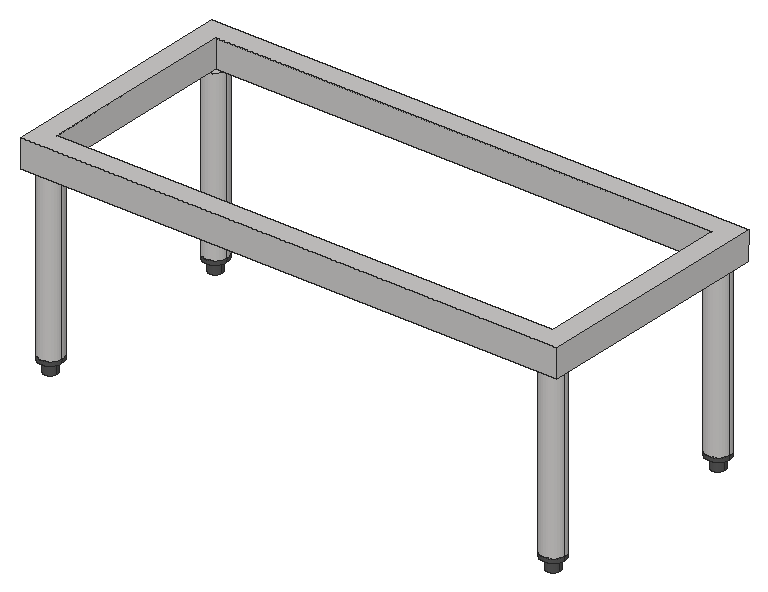
Revit family "QF_CAPIC_CELTIC_W383015", category Equipement spécialisé, Revit 2018
Family settings
  Cote de connecteur circulaire = Utiliser le diamètre
  Type d'élément = Normal
  Numéro OmniClass = 23.40.40.14
  Titre OmniClass = Food Service Equipment
  Basée sur le plan de construction = Non
  Toujours verticalement = Oui
  Couper avec des vides une fois chargée = Non
  Partagée = Non
  Point de calcul de pièce = Non
Parameters (values of type "L=1600mm")
  URL catalogue = "http://www.capic-fr.com/fr/"
  Type de Raccord Plomberie [instance] = ""
  Type de Raccord Electrique [instance] = ""
  Type de Gaz = ""
  Type article [instance] = ""
  Tension = 0 V
  Spécification du Fabricant = ""
  Show Logo = yes
  Remarques evacuation [instance] = ""
  Remarques Plomberie [instance] = ""
  Remarques Electricité [instance] = ""
  Puissance électrique  = 0 W
  Puissance Gaz kW = 0
  Profondeur hors tout = 715 mm
  Pression Maximum Eau Adoucie = 0.0 Pa
  Poids net à vide = 90.00 kg
  Phase = 0
  Modèle = "W383015"
  Longueur hors tout = 1600 mm
  Intensité nominale = 0 A
  Hauteur hors tout = 630 mm
  Hauteur de Raccordement du Sol Finis = 0 mm
  Hauteur de Raccordement Gaz du Sol Finis = 0 mm
  Hauteur de Raccordement Evacuation Directe du Sol Finis = 0 mm
  Hauteur de Raccordement Eau Froide du Sol Finis = 0 mm
  Hauteur de Raccordement Eau Chaude du Sol Finis = 0 mm
  Hauteur de Raccordement Eau Adoucie du Sol Finis = 0 mm
  Fréquence = 0 Hz
  Fabricant = "CAPIC"
  Débit d'air d'extraction = 0.0 m³/h
  Débit Gaz = 0.0 L/s
  Débit Eau Froide = 0.0 L/s
  Débit Eau Chaude = 0.0 L/s
  Débit Eau Adoucie = 0.0 L/s
  Diamètre de Raccordement Gaz = 0 mm
  Diamètre de Raccordement Evacuation = 0 mm
  Diamètre de Raccordement Eau Froide = 0 mm
  Diamètre de Raccordement Eau Chaude = 0 mm
  Diamètre de Raccordement Eau Adoucie = 0 mm
  Description = "Pietement tubes ronds"
  Assembly Code = ""
  Classification  Omniclass nombre et titre = "23.40.40.14"
Reference planes
  plane 1 "Centre (avant/arrière)": y = 0
  plane 2: z = 0
  plane 3 "Centre (gauche/droite)": x = 0
  plane 4 "Centre G/E": y = 0
  plane 5: y = -838
  plane 6: z = 630
  plane 7: y = -123
  plane 8: x = 1600
  plane 9: z = 546
  plane 10: y = -173
  plane 11: y = -788
  plane 12: x = 50
  plane 13: x = 1550
  plane 14: z = 46
Forms (mm)
  Extrusion 1, solid, material "QF_Stainless Steel-Brushed"
    sketch origin (4267.2, -1071.386, 630) x (0, -1, 0) y (1, 0, 0)
      loop
        line (-948.386, -4267.2) -> (-233.386, -4267.2) -> (-233.386, -2667.2) -> (-948.386, -2667.2) -> (-948.386, -4267.2)
      loop
        line (-888.386, -2727.2) -> (-888.386, -4207.2) -> (-293.386, -4207.2) -> (-293.386, -2727.2) -> (-888.386, -2727.2)
    from 0 to -84
  Extrusion 2, solid, material "QF_Stainless Steel-Brushed"
    sketch origin (0, 0, 0) x (1, 0, 0) y (0, 1, 0)
      loop
        circle (50, -173) r 35
    from 46 to 546
  Revolve 3, solid, material "QF_Plastic-Black"
    sketch origin (-199.347, -173, 4000) x (-1, 0, 0) y (0, 0, 1)
      loop
        line (-284.347, -3954) -> (-284.347, -3966) -> (-269.347, -3966) -> (-269.347, -4000) -> (-249.347, -4000) -> (-249.347, -3954) -> (-284.347, -3954)
      axis (-249.347, -4000) -> (-249.347, -3954)
    angle from 0 to 360
  Extrusion 4, solid, material "QF_Stainless Steel-Brushed"
    sketch origin (220, 0, 0) x (1, 0, 0) y (0, 1, 0)
      loop
        circle (1330, -173) r 35
    from 46 to 546
  Revolve 5, solid, material "QF_Plastic-Black"
    sketch origin (160.653, -173, 4000) x (-1, 0, 0) y (0, 0, 1)
      loop
        line (-1424.347, -3954) -> (-1424.347, -3966) -> (-1409.347, -3966) -> (-1409.347, -4000) -> (-1389.347, -4000) -> (-1389.347, -3954) -> (-1424.347, -3954)
      axis (-1389.347, -4000) -> (-1389.347, -3954)
    angle from 0 to 360
  Extrusion 6, solid, material "QF_Stainless Steel-Brushed"
    sketch origin (0, -615, 0) x (1, 0, 0) y (0, 1, 0)
      loop
        circle (50, -173) r 35
    from 46 to 546
  Revolve 7, solid, material "QF_Plastic-Black"
    sketch origin (-133.843, -788, 4000) x (-1, 0, 0) y (0, 0, 1)
      loop
        line (-218.843, -3954) -> (-218.843, -3966) -> (-203.843, -3966) -> (-203.843, -4000) -> (-183.843, -4000) -> (-183.843, -3954) -> (-218.843, -3954)
      axis (-183.843, -4000) -> (-183.843, -3954)
    angle from 0 to 360
  Extrusion 8, solid, material "QF_Stainless Steel-Brushed"
    sketch origin (230, -615, 0) x (1, 0, 0) y (0, 1, 0)
      loop
        circle (1320, -173) r 35
    from 46 to 546
  Revolve 9, solid, material "QF_Plastic-Black"
    sketch origin (-133.843, -788, 4000) x (-1, 0, 0) y (0, 0, 1)
      loop
        line (-1718.843, -3954) -> (-1718.843, -3966) -> (-1703.843, -3966) -> (-1703.843, -4000) -> (-1683.843, -4000) -> (-1683.843, -3954) -> (-1718.843, -3954)
      axis (-1683.843, -4000) -> (-1683.843, -3954)
    angle from 0 to 360
Dimensions and locks
  locked: plane 7 to Extrusion 1 sketch curve at 60
  locked: Extrusion 1 sketch curve to plane 5 at 60
  locked: plane 3 "Centre (gauche/droite)" to Extrusion 1 sketch curve at 60
  locked: Extrusion 1 sketch curve to plane 8 at 60
  "Longueur hors tout": plane 3 "Centre (gauche/droite)" to plane 8
  "Hauteur hors tout": plane 6 to level
  locked: plane 6 to plane 9 at 84
  locked: plane 7 to plane 10 at 50
  locked: plane 11 to plane 5 at 50
  locked: plane 3 "Centre (gauche/droite)" to plane 12 at 50
  locked: plane 13 to plane 8 at 50
  locked: plane 9 to plane 14 at 500
  locked: Revolve 3 sketch curve to plane 12 at 35
  locked: plane 14 to Revolve 3 sketch curve at 12
  locked: Revolve 3 sketch curve to plane 12 at 20
  Revolve 5 sketch curve to Revolve 5 sketch curve to plane 13 = 15 mm locked, 20 mm locked
  "Profondeur hors tout": plane 7 to plane 5
  locked: plane 14 to Revolve 5 sketch curve at 12
  locked: Revolve 7 sketch curve to plane 12 at 20
  locked: Revolve 7 sketch curve to plane 12 at 35
  locked: Revolve 3 to plane 14 at 12
  locked: plane 14 to Revolve 5 at 12
  locked: Revolve 9 sketch curve to plane 13 at 20
  locked: Revolve 9 sketch curve to plane 13 at 35
  aligned and locked: level to plane 2
  aligned and locked: Extrusion 1 sketch curve to plane 7
  aligned and locked: plane 3 "Centre (gauche/droite)" to Extrusion 1 sketch curve
  aligned and locked: plane 5 to Extrusion 1 sketch curve
  aligned and locked: Extrusion 1 sketch curve to plane 8
  aligned and locked: Extrusion 1 to plane 9
  aligned and locked: plane 6 to Extrusion 1
  aligned and locked: plane 9 to Extrusion 2
  aligned and locked: Extrusion 2 to plane 14
  aligned and locked: plane 12 to Extrusion 2 sketch curve
  aligned and locked: plane 10 to Extrusion 2 sketch curve
  aligned and locked: level to Revolve 3 sketch curve
  aligned and locked: plane 12 to Revolve 3 sketch curve
  aligned and locked: Revolve 3 sketch curve to plane 14
  aligned and locked: plane 13 to Extrusion 4 sketch curve
  aligned and locked: Extrusion 4 sketch curve to plane 10
  aligned and locked: plane 13 to Revolve 5 sketch curve  (x2)
  aligned and locked: level to Revolve 5 sketch curve
  aligned and locked: plane 14 to Revolve 5 sketch curve
  aligned and locked: plane 12 to Extrusion 6 sketch curve
  aligned and locked: plane 11 to Extrusion 6 sketch curve
  aligned and locked: plane 9 to Extrusion 6
  aligned and locked: Extrusion 6 to plane 14
  aligned and locked: plane 14 to Revolve 7 sketch curve
  aligned and locked: Revolve 7 sketch curve to level
  aligned and locked: plane 9 to Extrusion 4
  aligned and locked: Extrusion 4 to plane 14
  aligned and locked: plane 13 to Extrusion 8 sketch curve
  aligned and locked: Extrusion 8 sketch curve to plane 11
  aligned and locked: Revolve 3 to plane 14
  aligned and locked: Extrusion 8 to Extrusion 1
  aligned and locked: plane 14 to Revolve 9 sketch curve
  aligned and locked: level to Revolve 9 sketch curve
  aligned and locked: plane 14 to Extrusion 8
Automatic sketch dimensions
  Revolve 3 sketch curve to plane 12 = 0 mm
  Revolve 3 sketch curve to level = 0 mm
  Revolve 3 sketch curve to plane 14 = 0 mm
  Revolve 5 sketch curve to level = 0 mm
  Revolve 5 sketch curve to plane 14 = 0 mm
  Revolve 9 sketch curve to plane 13 = 0 mm  (x2)
  Revolve 9 sketch curve to plane 14 = 12 mm
  Revolve 9 sketch curve to level = 88.15 mm
  Revolve 9 sketch curve to Revolve 9 sketch curve = 37 mm
  Revolve 7 sketch curve to plane 12 = 0 mm  (x2)
  Revolve 7 sketch curve to plane 14 = 12 mm
  Revolve 7 sketch curve to level = 25 mm
  Revolve 7 sketch curve to Revolve 7 sketch curve = 12 mm
  radius of Extrusion 2 sketch curve = 35 mm
  radius of Extrusion 4 sketch curve = 35 mm
  radius of Extrusion 6 sketch curve = 35 mm
  radius of Extrusion 8 sketch curve = 35 mm
